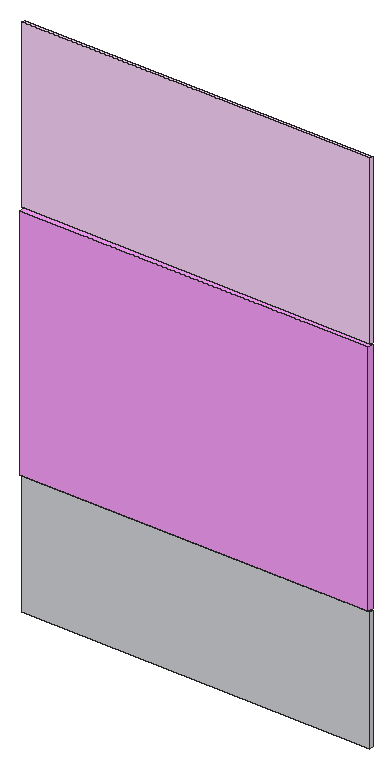
Revit family "EXP_WT-1A_CPan-010", category Curtain Panels, Revit 2021
Family settings
  OmniClass Number = 23.25.20.14.11.11.17
  OmniClass Title = Infill Panels
  Always vertical = Yes
  Cut with Voids When Loaded = No
  Shared = No
Parameters
  UI-UnitNumber [instance] = "01"
  UI-Quadrant [instance] = "SE"
  UI-ProjectAbbreviation = "NEU"
  UI-ItemCategory = "PID"
  UI-FloorNumber [instance] = "03"
  PNT-WallType = "WT1A"
  PNT-ProjectAbbreviation = "NEU"
  PNT-PanelType [instance] = "01"
  PNT-ItemCategory = "PNL"
  GlassSPH3 [instance] = 0' - 1 1/8"
  GlassSPH2(x3) [instance] = 0' - 2 3/16"
  GlassSPH1 [instance] = 0' - 1 1/8"
  GlassH3 [instance] = none
  GlassH2 [instance] = IG-3F(Glass)
  GlassH1 [instance] = IG-1F(Glass)
  Define Thermal Properties by = Schematic Type
  CellSp = 0' - 10 3/16"
  CellL [instance] = 12' - 6"
  CellH3 [instance] = CellH - (CellH1 + CellH2)  # 4' - 6"
  CellH2 = 8' - 5 1/2"
  CellH1 = 6' - 0 1/2"
  CellH [instance] = 19' - 0"
  Analytic Construction = "<None>"
Reference planes (in)
  plane 1 "Center (Front/Back)": y = 0
  plane 2: z = 0
  plane 3 "Center (Left/Right)": x = 0
  plane 4 "Left": x = -75
  plane 5 "Right": x = 75
  plane 6 "Top": z = 228
  plane 7: z = 155.5
  plane 8: y = -10.1875
  plane 9: z = 54
Forms (in)
  Extrusion 1, solid, material "IG-3F(Glass)" <- "GlassH2", detail levels coarse+medium
    sketch origin (0, 0, 0) x (0, 1, 0) y (0, 0, 1)
      loop
        line (-10.1875, 155.5) -> (-10.1875, 54) -> (0, 54) -> (0, 155.5) -> (-10.1875, 155.5)
    from -75 to 75
  Extrusion 2, solid, material "IG-1F(Glass)" <- "GlassH1", detail levels coarse+medium
    sketch origin (0, 0, 0) x (0, 1, 0) y (0, 0, 1)
      loop
        line (-10.1875, 228) -> (-10.1875, 155.5) -> (0, 155.5) -> (0, 228) -> (-10.1875, 228)
    from -75 to 75
  Extrusion 3, solid, material <- "GlassH3", detail levels coarse+medium
    sketch origin (0, 0, 0) x (1, 0, 0) y (0, 1, 0)
      loop
        line (-75, -10.1875) -> (75, -10.1875) -> (75, 0) -> (-75, 0) -> (-75, -10.1875)
    from 0 to 54
Text (in)
  text "Exterior" at (-92.59733, 55.75508, 0), in view "Ref. Level"
  text "Exterior" at (0, 90.18664, 173.49264), in view "Left"
  text "Exterior" at (0, 52.29083, 162.21847), in view "Right"
Dimensions and locks (in)
  equal spacing: plane 4 "Left", plane 3 "Center (Left/Right)", plane 5 "Right"  (x2)
  "CellH1": plane 7 to plane 6 "Top"
  Extrusion 2 sketch curve to Extrusion 2 sketch curve = 0' - 10 3/16"
  "CellL": plane 4 "Left" to plane 5 "Right"
  "CellH": plane 2 to plane 6 "Top"
  "CellSp": plane 8 to plane 1 "Center (Front/Back)"
  "CellH2": plane 9 to plane 7
  aligned and locked: level to plane 2
  aligned and locked: Extrusion 1 sketch curve to plane 7
  aligned and locked: plane 8 to Extrusion 1 sketch curve
  aligned and locked: plane 1 "Center (Front/Back)" to Extrusion 1 sketch curve
  aligned and locked: plane 6 "Top" to Extrusion 2 sketch curve
  aligned and locked: plane 8 to Extrusion 2 sketch curve
  aligned and locked: Extrusion 2 to plane 5 "Right"
  aligned and locked: plane 4 "Left" to Extrusion 2
  aligned and locked: Extrusion 2 to plane 1 "Center (Front/Back)"
  aligned and locked: nested 1 to plane 5 "Right"
  aligned and locked: nested 2 to Extrusion 2  (x2)
  aligned and locked: nested 2 to level
  aligned and locked: Extrusion 1 to plane 9
  aligned and locked: plane 4 "Left" to Extrusion 3 sketch curve
  aligned and locked: Extrusion 3 sketch curve to plane 1 "Center (Front/Back)"
  aligned and locked: Extrusion 3 sketch curve to plane 8
  aligned and locked: Extrusion 3 sketch curve to plane 5 "Right"
  aligned and locked: plane 9 to Extrusion 3
  aligned and locked: Extrusion 3 to level
  aligned and locked: Extrusion 1 to plane 5 "Right"
  aligned and locked: plane 4 "Left" to Extrusion 1
  aligned and locked: Extrusion 2 to plane 7
  aligned and locked: nested 1 to plane 4 "Left"
  aligned and locked: plane 1 "Center (Front/Back)" to nested 3
  aligned and locked: plane 5 "Right" to nested 3
  aligned and locked: plane 4 "Left" to nested 3
  aligned and locked: level to Extrusion 3
  aligned and locked: Extrusion 2 to plane 6 "Top"
  aligned and locked: plane 1 "Center (Front/Back)" to nested 4
  aligned and locked: plane 9 to nested 4
  aligned and locked: plane 2 to nested 4
  aligned and locked: plane 5 "Right" to nested 4
  aligned and locked: plane 4 "Left" to nested 4
  aligned and locked: plane 1 "Center (Front/Back)" to nested 5
  aligned and locked: plane 7 to nested 5
  aligned and locked: plane 9 to nested 5
  aligned and locked: plane 4 "Left" to nested 5
  aligned and locked: plane 5 "Right" to nested 5
  aligned and locked: plane 1 "Center (Front/Back)" to nested 6
  aligned and locked: nested 6 to plane 6 "Top"
  aligned and locked: plane 7 to nested 6
  aligned and locked: plane 4 "Left" to nested 6
  aligned and locked: plane 5 "Right" to nested 6
Automatic sketch dimensions
  Extrusion 2 sketch curve to plane 7 = 0' - 0"
  level to Extrusion 1 sketch curve = 4' - 6"
Nested families (in)
  nested 1: "EXP_WT-1A_DetO-001" at (-75, 0, 0), type "EXP_WT-1A_DetO-001"
    with built-in parameter 1001306 12.5 (stored number, unit not read)
  nested 2: "EXP_WT-1A_DetO-003" at (0, 0, 228) x (0, 0, -1) z (1, 0, 0), CellH1 <- "CellH1", CellH2 <- "CellH2", type "EXP_WT-1A_DetO-003"
    with built-in parameter 1001306 19 (stored number, unit not read), CellH2 8' - 5 1/2", CellH1 6' - 0 1/2", CellH 19' - 0"
  nested 3: "EXP_xx_DetO-002" at (0, 0, 0), CellH <- "CellH", CellL <- "CellL", type "EXP_xx_DetO-002", detail levels coarse
    with CellL 12' - 6", CellH 19' - 0"
  nested 4: "EXP_WT-1x_IG-001" at (0, 0, 27), MaterialGlass <- "GlassH3", GlassSP <- "GlassSPH3", type "GlassSP = H3", detail levels fine
    with MaterialGlass none, GlassSP 0' - 1 1/8", GlassL 12' - 4.12549", GlassH 4' - 4.06299", CellL 12' - 6", CellH 4' - 6"
  nested 5: "EXP_WT-1x_IG-001" at (0, 0, 104.75), MaterialGlass <- "GlassH2", GlassSP <- "GlassSPH2(x3)", type "GlassSP = H2(x3)", detail levels fine
    with MaterialGlass IG-3F(Glass), GlassSP 0' - 2 3/16", GlassL 12' - 4.12598", GlassH 8' - 4 3/4", CellL 12' - 6", CellH 8' - 5 1/2"
  nested 6: "EXP_WT-1x_IG-001" at (0, 0, 191.75), MaterialGlass <- "GlassH1", GlassSP <- "GlassSPH1", type "GlassSP = H1", detail levels fine
    with MaterialGlass IG-1F(Glass), GlassSP 0' - 1 1/8", GlassL 12' - 4.12549", GlassH 5' - 10 13/16", CellL 12' - 6", CellH 6' - 0 1/2"
Definition of nested family "EXP_WT-1x_IG-001"
  Parameters (values of type "H2 _ GlassSP = 1 1/4"")
    MaterialGlass [instance] = none
    GlassSP [instance] = 0' - 1 1/4"
    GlassL [instance] = CellL - (GlassD1 + GlassD3)  # 3' - 10.94439"
    GlassH [instance] = CellH - (GlassD2 + GlassD4)  # 6' - 6.64788"
    GlassD4 = 0' - 1.43701"
    GlassD3 = 0' - 0.93701"
    GlassD2 = 0' - 0 1/2"
    GlassD1 = 0' - 0 15/16"
    GMPI-ProjectAbbreviation = "NEU"
    GMPI-IteamCategory = "GLS"
    Default Elevation = 0' - 0"
    CellL [instance] = 4' - 0.8189"
    CellH [instance] = 6' - 8.58489"
  Types (12): name | GlassSP | GlassL | GlassH | GlassD4 | GlassD2 | GlassD1
    H2(x2) _ GlassSP = 2 1/8" | 0' - 2.12598" | 3' - 10.94488" | 6' - 6.64788" | 0' - 1.43701" | 0' - 0 1/2" | 0' - 0.93701"
    H1 _ GlassSP = 1 1/4" | 0' - 1 1/4" | 3' - 10.94439" | 6' - 6.89739" | 0' - 0 1/4" | 0' - 1 7/16" | 0' - 0 15/16"
    H2(x3) _ GlassSP = 2 1/8" | 0' - 2.12598" | 3' - 10.94488" | 6' - 7.83489" | 0' - 0 1/4" | 0' - 0 1/2" | 0' - 0.93701"
    H3 _ GlassSP = 1 1/4" | 0' - 1 1/4" | 3' - 10.94439" | 6' - 6.64788" | 0' - 1.43701" | 0' - 0 1/2" | 0' - 0 15/16"
    H _ GlassSP = 2 1/8" | 0' - 2.12598" | 3' - 10.94488" | 6' - 5.71088" | 0' - 1.43701" | 0' - 1.43701" | 0' - 0.93701"
    H _ GlassSP = 1 1/4" | 0' - 1 1/4" | 3' - 10.94439" | 6' - 5.71088" | 0' - 1.43701" | 0' - 1.43701" | 0' - 0 15/16"
    H2 _ GlassSP = 1 1/4" | 0' - 1 1/4" | 3' - 10.94439" | 6' - 6.64788" | 0' - 1.43701" | 0' - 0 1/2" | 0' - 0 15/16"
    GlassSP = H | 0' - 1 1/4" | 3' - 10.94439" | 6' - 5.71088" | 0' - 1.43701" | 0' - 1.43701" | 0' - 0 15/16"
    GlassSP = H3 | 0' - 1 1/4" | 3' - 10.94439" | 6' - 6.64788" | 0' - 1.43701" | 0' - 0 1/2" | 0' - 0 15/16"
    GlassSP = H2(x3) | 0' - 2.12598" | 3' - 10.94488" | 6' - 7.83489" | 0' - 0 1/4" | 0' - 0 1/2" | 0' - 0.93701"
    GlassSP = H2(x2) | 0' - 2.12598" | 3' - 10.94488" | 6' - 6.64788" | 0' - 1.43701" | 0' - 0 1/2" | 0' - 0.93701"
    GlassSP = H1 | 0' - 1 1/4" | 3' - 10.94439" | 6' - 6.89739" | 0' - 0 1/4" | 0' - 1 7/16" | 0' - 0 15/16"
  Reference planes (in)
    plane 1 "Center (Front/Back)": y = 0
    plane 2: z = 0
    plane 3 "Center (Left/Right)": x = 0
    plane 4: x = -24.40945
    plane 5: x = 24.40945
    plane 6: z = 40.29245
    plane 7: x = -23.47195
    plane 8: x = 23.47244
    plane 9: z = -40.29245
    plane 10: z = 39.79245
    plane 11: z = -38.85544
  Forms (in)
    Extrusion 1, solid, material <- "MaterialGlass"
      sketch origin (0, 0, 0) x (1, 0, 0) y (0, 0, 1)
        loop
          line (-23.47195, -38.85544) -> (23.47244, -38.85544) -> (23.47244, 39.79245) -> (-23.47195, 39.79245) -> (-23.47195, -38.85544)
      from 0 to 1.25 <- "GlassSP"
  Dimensions and locks (in)
    equal spacing: plane 6, level, plane 9
    "CellH": plane 6 to plane 9
    "GlassD2": plane 6 to plane 10
    "GlassD4": plane 11 to plane 9
    equal spacing: plane 4, plane 3 "Center (Left/Right)", plane 5
    "CellL": plane 4 to plane 5
    "GlassD1": plane 4 to plane 7
    "GlassD3": plane 5 to plane 8
    aligned and locked: level to plane 2
    aligned and locked: Extrusion 1 sketch curve to plane 11
    aligned and locked: Extrusion 1 sketch curve to plane 7
    aligned and locked: plane 10 to Extrusion 1 sketch curve
    aligned and locked: plane 8 to Extrusion 1 sketch curve
Definition of nested family "EXP_WT-1A_DetO-001"
  Parameters (values of type "EXP_WT-1A_DetO-001")
    built-in parameter 1001306 [instance] = 5' - 2.99213"
  Reference planes (in)
    plane 1 "Center (Front/Back)": y = 0
    plane 2: z = 0
    plane 3 "Left": x = 0
    plane 4 "Right": x = 62.99213
  Lines and regions (in)
    reference lines, in view "Ref. Level"
      curve 1: line (0, 0, 0) -> (62.99213, 0, 0)
    detail lines, in view "Ref. Level"
      curve 2: line (0.25, 0, 0) -> (0.5458, 0, 0)
      curve 3: line (0.25, 0, 0) -> (0.5458, 0, 0)
      curve 4: line (62.99213, -0.81795, 0) -> (62.99213, -10.1875, 0)
      curve 5: line (62.99213, -10.1875, 0) -> (60.99213, -10.1875, 0)
      curve 6: line (60.99213, -10.1875, 0) -> (60.99213, -2.43678, 0)
      curve 7: line (60.99213, -2.43678, 0) -> (62.44632, -2.43678, 0)
      curve 8: line (62.44632, -2.43678, 0) -> (62.44632, 0, 0)
      curve 9: line (62.44632, 0, 0) -> (62.74213, 0, 0)
      curve 10: line (62.74213, 0, 0) -> (62.74213, -0.81795, 0)
      curve 11: line (62.99213, -0.81795, 0) -> (62.74213, -0.81795, 0)
      curve 12: line (0.25, 0, 0) -> (0.25, -0.81795, 0)
      curve 13: line (0.25, 0, 0) -> (0.5458, 0, 0)
      curve 14: line (0, -0.81795, 0) -> (0.25, -0.81795, 0)
      curve 15: line (0, -0.81795, 0) -> (0, -10.1875, 0)
      curve 16: line (2, -10.1875, 0) -> (0, -10.1875, 0)
      curve 17: line (2, -2.43676, 0) -> (2, -10.1875, 0)
      curve 18: line (0.5458, -2.43676, 0) -> (2, -2.43676, 0)
      curve 19: line (0.5458, -2.43676, 0) -> (0.5458, 0, 0)
      curve 20: line (0.94241, 0, 0) -> (62.04971, 0, 0)
      curve 21: line (0.94241, -1.31, 0) -> (0.94241, 0, 0)
      curve 22: line (0.94241, -1.31, 0) -> (62.04971, -1.31, 0)
      curve 23: line (62.04971, -1.31, 0) -> (62.04971, 0, 0)
  Dimensions and locks (in)
    "built-in parameter 1001306": plane 3 "Left" to plane 4 "Right"
    aligned and locked: plane 1 "Center (Front/Back)" to curve 1
    aligned and locked: plane 3 "Left" to curve 1
    aligned and locked: plane 4 "Right" to curve 1
    aligned and locked: curve 4 to plane 4 "Right"
    aligned and locked: curve 1 to curve 13
    aligned and locked: curve 15 to plane 3 "Left"
    aligned and locked: curve 1 to curve 20
    aligned and locked: curve 5 to curve 16
  Automatic sketch dimensions
    plane 1 "Center (Front/Back)" to curve 9 = 0' - 0"
    curve 2 to curve 2 = 0' - 0.2958"
    curve 7 to plane 4 "Right" = 0' - 2"
    curve 9 to plane 4 "Right" = 0' - 0.5458"
    curve 10 to curve 4 = 0' - 0 1/4"
    plane 1 "Center (Front/Back)" to curve 4 = 0' - 0.81795"
    curve 7 to curve 10 = 0' - 1.61883"
    curve 5 to curve 7 = 0' - 7.75072"
    plane 1 "Center (Front/Back)" to curve 15 = 0' - 0.81795"
    plane 3 "Left" to curve 16 = 0' - 2"
    curve 17 to curve 12 = 0' - 1.61881"
    plane 3 "Left" to curve 20 = 0' - 0.94241"
    curve 23 to curve 10 = 0' - 0.69242"
    curve 23 to curve 10 = 0' - 0.49205"
    plane 3 "Left" to curve 14 = 0' - 0 1/4"
Definition of nested family "EXP_WT-1A_DetO-003"
  Parameters (values of type "EXP_WT-1A_DetO-003")
    built-in parameter 1001306 [instance] = 12' - 11"
    CellH2 [instance] = 9' - 8"
    CellH1 [instance] = 3' - 3"
    CellH [instance] = 12' - 11"
  Reference planes (in)
    plane 1 "Center (Front/Back)": y = 0
    plane 2: z = 0
    plane 3 "Left": x = 0
    plane 4 "Right": x = 155
    plane 5: x = 39
  Lines and regions (in)
    reference lines, in view "Ref. Level"
      curve 1: line (0, 0, 0) -> (155, 0, 0)
    detail lines, in view "Ref. Level"
      curve 2: line (37.25001, -10.1875, 0) -> (37.25001, -2.41263, 0)
      curve 3: line (37.25001, -2.41263, 0) -> (40.74999, -2.41263, 0)
      curve 4: line (40.74999, -2.41263, 0) -> (40.74999, -10.1875, 0)
      curve 5: line (40.74999, -10.1875, 0) -> (37.25001, -10.1875, 0)
      curve 6: line (39.27639, -2.185, 0) -> (39.27639, 0, 0)
      curve 7: line (39.27639, 0, 0) -> (153.80789, 0, 0)
      curve 8: line (153.80789, -2.185, 0) -> (39.27639, -2.185, 0)
      curve 9: line (38.52639, -1.31, 0) -> (38.52639, 0, 0)
      curve 10: line (38.52639, 0, 0) -> (1.19241, 0, 0)
      curve 11: line (38.52639, -1.31, 0) -> (1.19241, -1.31, 0)
      curve 12: line (0, -10.1875, 0) -> (2.125, -10.1875, 0)
      curve 13: line (0, -0.81812, 0) -> (0, -10.1875, 0)
      curve 14: line (0.5, 0, 0) -> (0.5, -0.81812, 0)
      curve 15: line (0.5, 0, 0) -> (0.7958, 0, 0)
      curve 16: line (0, -0.81812, 0) -> (0.5, -0.81812, 0)
      curve 17: line (0.7958, -2.43676, 0) -> (0.7958, 0, 0)
      curve 18: line (2.125, -2.43676, 0) -> (0.7958, -2.43676, 0)
      curve 19: line (2.125, -10.1875, 0) -> (2.125, -2.43676, 0)
      curve 20: line (1.19241, -1.31, 0) -> (1.19241, 0, 0)
      curve 21: line (155, 60, 0) -> (155, -10.1875, 0)
      curve 22: line (155, -10.1875, 0) -> (151.625, -10.1875, 0)
      curve 23: line (151.625, -10.1875, 0) -> (151.625, -2.43679, 0)
      curve 24: line (151.625, -2.43679, 0) -> (154.2042, -2.43679, 0)
      curve 25: line (154.2042, -2.43679, 0) -> (154.2042, 0, 0)
      curve 26: line (154.5, 0, 0) -> (154.5, -0.81812, 0)
      curve 27: line (154.2042, 0, 0) -> (154.5, 0, 0)
      curve 28: line (155, -0.81812, 0) -> (154.5, -0.81812, 0)
      curve 29: line (155, -0.81812, 0) -> (155, -10.1875, 0)
      curve 30: line (153.80789, -2.185, 0) -> (153.80789, 0, 0)
  Dimensions and locks (in)
    "built-in parameter 1001306": plane 3 "Left" to plane 4 "Right"
    "CellH": plane 3 "Left" to plane 4 "Right"
    "CellH2": plane 5 to plane 4 "Right"
    "CellH1": plane 3 "Left" to plane 5
    aligned and locked: plane 1 "Center (Front/Back)" to curve 1
    aligned and locked: plane 3 "Left" to curve 1
    aligned and locked: plane 4 "Right" to curve 1
    aligned and locked: curve 1 to curve 7
    aligned and locked: curve 10 to plane 1 "Center (Front/Back)"
    aligned and locked: curve 13 to plane 3 "Left"
    aligned and locked: curve 1 to curve 15
    aligned and locked: curve 21 to plane 4 "Right"
    aligned and locked: curve 29 to plane 4 "Right"
    aligned and locked: curve 5 to curve 12
    aligned and locked: curve 22 to curve 5
  Automatic sketch dimensions
    plane 5 to curve 3 = 0' - 1 3/4"
    plane 1 "Center (Front/Back)" to curve 3 = 0' - 2.41263"
    curve 5 to plane 5 = 0' - 1 3/4"
    plane 5 to curve 6 = 0' - 0.27639"
    curve 6 to curve 6 = 0' - 2.185"
    curve 9 to plane 5 = 0' - 0.47361"
    plane 1 "Center (Front/Back)" to curve 13 = 0' - 0.81812"
    plane 3 "Left" to curve 14 = 0' - 0 1/2"
    curve 14 to curve 17 = 0' - 0.2958"
    curve 17 to curve 18 = 0' - 1.3292"
    curve 18 to curve 14 = 0' - 1.61864"
    curve 14 to curve 20 = 0' - 0.69242"
    curve 20 to curve 14 = 0' - 0.49188"
    curve 21 to plane 1 "Center (Front/Back)" = 5' - 0"
    curve 24 to curve 24 = 0' - 2.5792"
    plane 1 "Center (Front/Back)" to curve 27 = 0' - 0"
    curve 25 to curve 26 = 0' - 0.2958"
    curve 28 to curve 28 = 0' - 0 1/2"
    curve 30 to curve 24 = 0' - 0.39631"
    curve 24 to curve 30 = 0' - 0.25179"
    plane 1 "Center (Front/Back)" to curve 26 = 0' - 0.81812"
    curve 22 to curve 24 = 0' - 7.75071"
Definition of nested family "EXP_xx_DetO-002"
  Parameters (values of type "EXP_xx_DetO-002")
    Default Elevation = 0' - 0"
    CellL [instance] = 5' - 4.56693"
    CellH [instance] = 5' - 2.99213"
  Reference planes (in)
    plane 1 "Center (Front/Back)": y = 0
    plane 2: z = 0
    plane 3 "Center (Left/Right)": x = 0
    plane 4: x = -32.28346
    plane 5: x = 32.28346
    plane 6: z = 62.99213
  Lines and regions (in)
    model lines
      curve 1: line (-32.28346, 0, 62.99213) -> (32.28346, 0, 0)
      curve 2: line (32.28346, 0, 62.99213) -> (-32.28346, 0, 0)
  Dimensions and locks (in)
    "CellH": plane 6 to level
    equal spacing: plane 4, plane 3 "Center (Left/Right)", plane 5
    "CellL": plane 4 to plane 5
    aligned and locked: level to plane 2
  Automatic sketch dimensions
    curve 2 to level = 0' - 0"
    plane 4 to curve 2 = 0' - 0"
    plane 4 to curve 1 = 0' - 0"
    plane 5 to curve 2 = 0' - 0"
    curve 1 to level = 0' - 0"
    plane 5 to curve 1 = 0' - 0"
    curve 2 to plane 6 = 0' - 0"
    curve 1 to plane 6 = 0' - 0"
